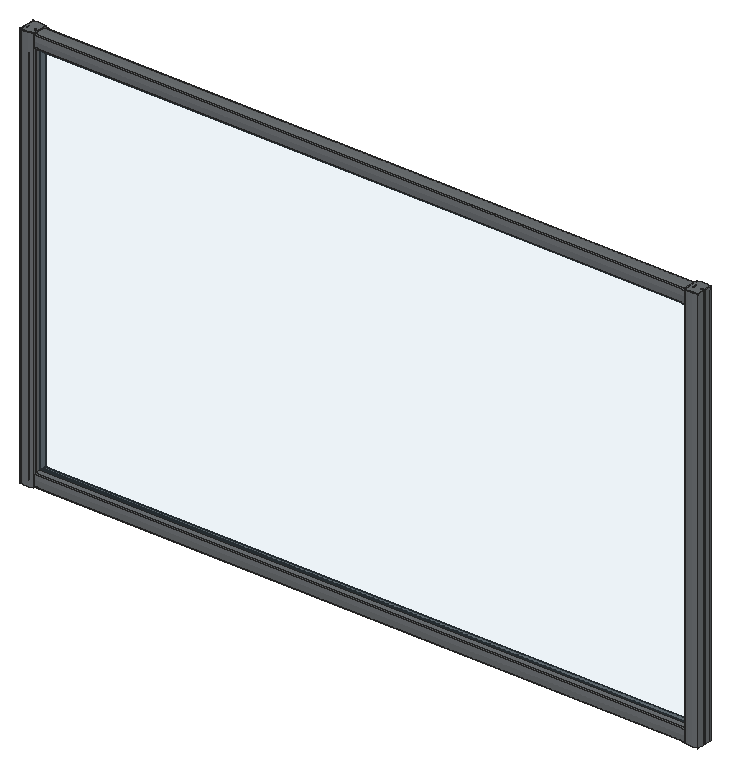
Revit family "Verano_V730_Biarritz_GM_R21", category Generic Models, Revit 2021
Family settings
  Can host rebar = No
  Round Connector Dimension = Use Diameter
  Part Type = Normal
  Work Plane-Based = No
  Always vertical = Yes
  Cut with Voids When Loaded = No
  Shared = No
  Room Calculation Point = No
Parameters (values of type "1-part")
  Width Input [instance] = 2500 mm
  Width [instance] = Overall Width Constraint  # 2500 mm
  Warning -Warranty [instance] = if(and(Overall Width Constraint > 1500 mm, Overall Height Constraint > 2550 mm), 1 = 1, if(and(Overall Width Constraint > 1750 mm, Overall Height Constraint > 2000 mm), 1 = 1, if(and(Overall Width Constraint > 2000 mm, Overall Height Constraint > 1750 mm), 1 = 1, if(and(Overall Width Constraint > 2250 mm, Overall Height Constraint > 1500 mm), 1 = 1, if(Overall Width Constraint > 2500 mm, 1 = 1, 1 = 0)))))  # no
  Warning - Width [instance] = no
  Warning - Height [instance] = no
  URL = "https://verano.nl/en/catalog/windscreens-fences"
  Two Part Glass End_2 [instance] = if(TYPE = 2, Overall Height Constraint / 2 - 21 mm - 42 mm, if(TYPE = 3, Overall Height Constraint / 2, 1 mm))  # 1 mm
  Tree Part Glass End_2 [instance] = (Overall Height Constraint - 50 mm) / 3 - 21 mm  # 462.333 mm
  Tree Part Glass End_1 [instance] = (Overall Height Constraint - 50 mm) / 3 + 25 mm - 21 mm + Bottom Offset  # 487.333 mm
  Top Rail [instance] = not(TYPE = 3)  # yes
  TPGE2 [instance] = 1 mm
  T4 [instance] = no
  T3 [instance] = no
  T2 [instance] = no
  T1 [instance] = no
  Panel Material [instance] = Glass
  Overall Width Constraint [instance] = if(Width Input < Minimal Width, Minimal Width, if(Width Input > Maximal Width, Maximal Width, Width Input))  # 2500 mm
  Overall Height Constraint [instance] = if(Height Input < Minimal Height, Minimal Height, if(Height Input > Maximal Height, Maximal Height, Height Input))  # 1500 mm
  One Part Glass End [instance] = Overall Height Constraint - 42 mm + Bottom Offset  # 1458 mm
  Model = "V730 Biarritz"
  Minimal Width [instance] = 1000 mm  # constant formula
  Minimal Height [instance] = 1000 mm  # constant formula
  Mid 1 [instance] = Bottom Offset + 25 mm  # 25 mm
  Maximal Width [instance] = 3000 mm  # constant formula
  Maximal Height [instance] = 2500 mm  # constant formula
  Manufacturer = "Verano Systems"
  Horizontal Rail Length [instance] = Overall Width Constraint - 2 * 50 mm  # 2400 mm
  Height With Base [instance] = Bottom Offset + Overall Height Constraint  # 1500 mm
  Height Input [instance] = 1500 mm
  Height [instance] = Overall Height Constraint  # 1500 mm
  TYPE = 1
  Frame Material [instance] = V_Antracite
  End TYPE _T Left [instance] = no
  End TYPE _Angle Right [instance] = no
  End TYPE _Angle Left [instance] = no
  End TYPE _ T Right [instance] = no
  End TYPE _ Straight Right [instance] = no
  End TYPE _ Straight Left [instance] = no
  Default Elevation = 0 mm
  Bottom Offset [instance] = if(T1, 6 mm, if(T3, 25 mm, if(T4, 80 mm, if(T2, 6 mm, 0 mm))))  # 0 mm
  Bottom Glass Offset [instance] = Bottom Offset + 42 mm  # 42 mm
  3 Part = TYPE = 4  # no
  Two Part Glass End_1 [instance] = (Overall Height Constraint - 50 mm) / 2 + Bottom Offset + 4 mm  # 729 mm
  2 part W/O Top Rail = TYPE = 3  # no
  2 Part Top Glass [instance] = if(or(TYPE = 2, TYPE = 3), 1 = 1, 1 = 0)  # no
  2 Part = TYPE = 2  # no
  1 Part = TYPE = 1  # yes
Reference planes
  plane 1 "Center (Front/Back)": y = 0
  plane 2: z = 0
  plane 3 "Center (Left/Right)": x = 0
  plane 4: x = -1250
  plane 5: x = 1250
  plane 6: x = -1225
  plane 7: x = 1225
  plane 8: z = 0
  plane 9: z = 1500
  plane 10 "Mid": z = 750
  plane 11: z = 1458
  plane 12: z = 42
  plane 13: x = -1208
  plane 14: x = 1208
  plane 15 "Mid1": z = 25
  plane 16 "Mid 2": z = 1475.025
  plane 17 "M3.2": z = 991.684
  plane 18 "M3.1": z = 508.342
  plane 19: x = -1281.2
Forms (mm)
  Extrusion 1, solid, material "Glass" <- "Panel Material", visible <- "1 Part"
    sketch origin (0, 0, 0) x (1, 0, 0) y (0, 1, 0)
      loop
        line (-1208, 2.5) -> (-1208, -2.5) -> (1208, -2.5) -> (1208, 2.5) -> (-1208, 2.5)
    from 42 <- "Bottom Glass Offset" to 1458 <- "One Part Glass End"
  Extrusion 2, solid, material "Glass" <- "Panel Material", visible <- "2 Part Top Glass"
    sketch origin (0, 0, 0) x (1, 0, 0) y (0, 1, 0)
      loop
        line (-1208, 2.5) -> (-1208, -2.5) -> (1208, -2.5) -> (1208, 2.5) -> (-1208, 2.5)
    from 42 <- "Bottom Glass Offset" to 729 <- "Two Part Glass End_1"
  Extrusion 3, solid, material "Glass" <- "Panel Material", visible <- "3 Part"
    sketch origin (0, 0, 0) x (1, 0, 0) y (0, 1, 0)
      loop
        line (1208, 2.5) -> (-1208, 2.5) -> (-1208, -2.5) -> (1208, -2.5) -> (1208, 2.5)
    from 42 <- "Bottom Glass Offset" to 487.333 <- "Tree Part Glass End_1"
  Extrusion 4, solid, material "Glass" <- "Panel Material", visible <- "3 Part"
    sketch origin (0, 0, 508.342) x (0, 1, 0) y (-1, 0, 0)
      loop
        line (2.5, -1208) -> (2.5, 1208) -> (-2.5, 1208) -> (-2.5, -1208) -> (2.5, -1208)
    from 21 to 462.333 <- "Tree Part Glass End_2"
  Extrusion 5, solid, material "Glass" <- "Panel Material", visible <- "3 Part"
    sketch origin (0, 0, 991.684) x (0, 1, 0) y (-1, 0, 0)
      loop
        line (2.5, -1208) -> (2.5, 1208) -> (-2.5, 1208) -> (-2.5, -1208) -> (2.5, -1208)
    from 0 to 462.333 <- "Tree Part Glass End_2"
  Extrusion 6, solid, material "Glass" <- "Panel Material", visible <- "2 Part Top Glass"
    sketch origin (0, 0, 750) x (0, 1, 0) y (-1, 0, 0)
      loop
        line (4, 1208) -> (-4, 1208) -> (-4, -1208) -> (4, -1208) -> (4, 1208)
    from 21 to 1 <- "Two Part Glass End_2"
Dimensions and locks
  equal spacing: plane 4, plane 3 "Center (Left/Right)", plane 5
  "Overall Width Constraint": plane 4 to plane 5
  locked: plane 4 to plane 6 at 25
  locked: plane 7 to plane 5 at 25
  "Bottom Offset": plane 8 to plane 2
  "Overall Height Constraint": plane 9 to plane 8
  equal spacing: plane 9, plane 10 "Mid", plane 8
  locked: plane 12 to plane 8 at 42
  locked: plane 9 to plane 11 at 42
  locked: plane 14 to plane 5 at 42
  locked: plane 4 to plane 13 at 42
  equal spacing: plane 15 "Mid1", plane 18 "M3.1", plane 17 "M3.2", plane 16 "Mid 2"
  "Mid 1": plane 15 "Mid1" to plane 2
  locked: plane 16 "Mid 2" to plane 9 at 24.975
  locked: plane 19 to plane 4 at 31.2
  aligned and locked: level to plane 2
  aligned and locked: plane 1 "Center (Front/Back)" to nested 1
  aligned and locked: plane 6 to nested 1
  aligned and locked: plane 1 "Center (Front/Back)" to nested 2
  aligned and locked: plane 7 to nested 2
  aligned and locked: plane 3 "Center (Left/Right)" to nested 3
  aligned and locked: plane 1 "Center (Front/Back)" to nested 3
  aligned and locked: plane 3 "Center (Left/Right)" to nested 4
  aligned and locked: plane 1 "Center (Front/Back)" to nested 4
  aligned and locked: plane 3 "Center (Left/Right)" to nested 5
  aligned and locked: plane 10 "Mid" to nested 5
  aligned and locked: plane 1 "Center (Front/Back)" to nested 5
  aligned and locked: Extrusion 1 sketch curve to plane 13
  aligned and locked: Extrusion 1 sketch curve to plane 14
  aligned and locked: Extrusion 2 sketch curve to plane 13
  aligned and locked: Extrusion 2 sketch curve to plane 14
  aligned and locked: plane 3 "Center (Left/Right)" to nested 6
  aligned and locked: plane 3 "Center (Left/Right)" to nested 7
  aligned and locked: plane 18 "M3.1" to nested 6
  aligned and locked: plane 17 "M3.2" to nested 7
  aligned and locked: plane 1 "Center (Front/Back)" to nested 7
  aligned and locked: plane 1 "Center (Front/Back)" to nested 6
  aligned and locked: Extrusion 3 sketch curve to plane 14
  aligned and locked: Extrusion 3 sketch curve to plane 13
  aligned and locked: Extrusion 4 sketch curve to Extrusion 3  (x2)
  aligned and locked: Extrusion 4 sketch curve to plane 14
  aligned and locked: Extrusion 4 sketch curve to plane 13
  aligned and locked: Extrusion 5 sketch curve to plane 14
  aligned and locked: Extrusion 5 sketch curve to Extrusion 4  (x2)
  aligned and locked: Extrusion 5 sketch curve to plane 13
  aligned and locked: plane 1 "Center (Front/Back)" to nested 9
  aligned and locked: nested 10 to plane 1 "Center (Front/Back)"
  aligned and locked: nested 11 to plane 5
  aligned and locked: plane 1 "Center (Front/Back)" to nested 11
  aligned and locked: nested 12 to plane 4
  aligned and locked: nested 12 to plane 1 "Center (Front/Back)"
  aligned and locked: plane 1 "Center (Front/Back)" to nested 8
  aligned and locked: nested 13 to plane 1 "Center (Front/Back)"
  aligned and locked: plane 5 to nested 9
  aligned and locked: plane 4 to nested 10
  aligned and locked: plane 6 to nested 14
  aligned and locked: plane 1 "Center (Front/Back)" to nested 14
  aligned and locked: plane 1 "Center (Front/Back)" to nested 15
  aligned and locked: plane 7 to nested 15
  aligned and locked: plane 1 "Center (Front/Back)" to nested 16
  aligned and locked: plane 7 to nested 16
  aligned and locked: plane 1 "Center (Front/Back)" to nested 17
  aligned and locked: plane 6 to nested 17
  aligned and locked: plane 1 "Center (Front/Back)" to nested 18
  aligned and locked: plane 6 to nested 19
  aligned and locked: plane 7 to nested 18
  aligned and locked: plane 5 to nested 8
  aligned and locked: plane 4 to nested 13
  aligned and locked: Extrusion 6 sketch curve to plane 13
  aligned and locked: Extrusion 6 sketch curve to plane 14
  aligned and locked: plane 6 to nested 20
  aligned and locked: plane 7 to nested 21
  aligned and locked: plane 1 "Center (Front/Back)" to nested 21
Automatic sketch dimensions
  plane 1 "Center (Front/Back)" to Extrusion 1 sketch curve = 2.5 mm
  Extrusion 1 sketch curve to plane 1 "Center (Front/Back)" = 2.5 mm
  Extrusion 2 sketch curve to plane 1 "Center (Front/Back)" = 2.5 mm
  plane 1 "Center (Front/Back)" to Extrusion 2 sketch curve = 2.5 mm
  plane 1 "Center (Front/Back)" to Extrusion 3 sketch curve = 2.5 mm
  Extrusion 3 sketch curve to plane 1 "Center (Front/Back)" = 2.5 mm
  plane 1 "Center (Front/Back)" to Extrusion 6 sketch curve = 4 mm
  Extrusion 6 sketch curve to plane 1 "Center (Front/Back)" = 4 mm
Nested families
  nested 1: "End Post" at (-1225, 0, 0), type "End Post"
    with Length 1500 mm
  nested 2: "End Post" at (1225, 0, 0), type "End Post"
    with Length 1500 mm
  nested 3: "Bottom Rail" at (0, 0, 0), built-in parameter 1001360 <- "Bottom Offset", type "Bottom Rail"
    with Length 2400 mm, Bottom Offset 0 mm
  nested 4: "Top Rail" at (0, 0, 1500), built-in parameter 1001360 <- "Height With Base", visible <- "Top Rail", type "Top Rail"
    with Length 2400 mm
  nested 5: "Middle Rail" at (0, 0, 750), visible <- "2 Part Top Glass", type "Middle Rail - 2 Part"
    with Length 2400 mm
  nested 6: "Middle Rail" at (0, 0, 508.342), visible <- "3 Part", type "Middle Rail - 3 Part"
    with Length 2400 mm
  nested 7: "Middle Rail" at (0, 0, 991.684), visible <- "3 Part", type "Middle Rail - 3 Part"
    with Length 2400 mm
  nested 8: "Straight Connection" at (1275, 0, 0), visible <- "End TYPE _ Straight Right", type "Straight Connection"
  nested 9: "Angle Connection" at (1279.735, 0, 0), visible <- "End TYPE _Angle Right", type "Angle Connection"
    with Length 1500 mm, Bottom Offset 0 mm
  nested 10: "Angle Connection" at (-1279.735, 0, 0) x (-1, 0, 0) z (0, 0, 1), visible <- "End TYPE _Angle Left", type "Angle Connection"
    with Length 1500 mm, Bottom Offset 0 mm
  nested 11: "T Connection" at (1281.2, 0.003, 0), visible <- "End TYPE _ T Right", type "T Connection"
  nested 12: "T Connection" at (-1281.2, 0.003, 0) x (-1, 0, 0) z (0, 0, 1), visible <- "End TYPE _T Left", type "T Connection"
  nested 13: "Straight Connection" at (-1275, 0, 0) x (-1, 0, 0) z (0, 0, 1), visible <- "End TYPE _ Straight Left", type "Straight Connection"
  nested 14: "Flat Plate" at (-1225, 0, 0), visible <- "T1", type "Flat Plate"
  nested 15: "Flat Plate" at (1225, 0, 0), visible <- "T1", type "Flat Plate"
  nested 16: "Flat Plate TYPE 2" at (1225, 0, 0), visible <- "T3", type "Flat Plate TYPE 2"
  nested 17: "Flat Plate TYPE 2" at (-1225, 0, 0), visible <- "T3", type "Flat Plate TYPE 2"
  nested 18: "Flat Plate TYPE 3" at (1225, 0, 0), visible <- "T4", type "Flat Plate TYPE 3"
  nested 19: "Flat Plate TYPE 3" at (-1225, 0, 0) x (-1, 0, 0) z (0, 0, 1), visible <- "T4", type "Flat Plate TYPE 3"
  nested 20: "Plate 1" at (-1225, 0, 0) x (-1, 0, 0) z (0, 0, 1), visible <- "T2", type "Plate 1"
  nested 21: "Plate 1" at (1225, 0, 0), visible <- "T2", type "Plate 1"
Definition of nested family "End Post"
  Parameters (values of type "End Post")
    Length = 530 mm
    Frame Material = none
    Default Elevation = 0 mm
    Bottom Offset = 0 mm
  Reference planes
    plane 1 "Center (Front/Back)": y = 0
    plane 2: z = 0
    plane 3 "Center (Left/Right)": x = 0
    plane 4: z = 0
    plane 5: z = 530
    plane 6: z = 532
  Forms (mm)
    Extrusion 1, solid, material <- "Frame Material"
      sketch origin (0, 0, 0) x (1, 0, 0) y (0, 1, 0)
        loop
          arc (24.21, 28.622) -> (0, 31.199) -> (-24.211, 28.622) r 115
          arc (-24.211, 28.622) -> (-24.778, 28.272) -> (-25, 27.644) r 1
          line (-25, 27.644) -> (-25, 5.599) -> (-23.4, 5.599) -> (-23.4, 8.699) -> (-16, 8.699) -> (-16, 2.499) -> (-15.015, 1.514)
          arc (-15.015, 1.514) -> (-14.373, 1.459) -> (-14.21, 2.082) r 0.5
          arc (-14.21, 2.082) -> (-11.3, -0.001) -> (-14.21, -2.083) r 2.2
          arc (-14.21, -2.083) -> (-14.373, -1.461) -> (-15.015, -1.516) r 0.5
          line (-15.015, -1.516) -> (-16, -2.501) -> (-16, -8.701) -> (-23.4, -8.701) -> (-23.4, -5.601) -> (-25, -5.601) -> (-25, -27.646)
          arc (-25, -27.646) -> (-24.778, -28.274) -> (-24.211, -28.624) r 1
          arc (-24.211, -28.624) -> (0, -31.201) -> (24.21, -28.624) r 115
          arc (24.21, -28.624) -> (24.778, -28.274) -> (25, -27.646) r 1
          line (25, -27.646) -> (25, -5.601) -> (23.4, -5.601) -> (23.4, -8.701) -> (16, -8.701) -> (16, -2.501) -> (15.015, -1.516)
          arc (15.015, -1.516) -> (14.373, -1.461) -> (14.209, -2.083) r 0.5
          arc (14.209, -2.083) -> (11.3, -0.001) -> (14.209, 2.082) r 2.2
          arc (14.209, 2.082) -> (14.373, 1.459) -> (15.015, 1.514) r 0.5
          line (15.015, 1.514) -> (16, 2.499) -> (16, 8.699) -> (23.4, 8.699) -> (23.4, 5.599) -> (25, 5.599) -> (25, 27.644)
          arc (25, 27.644) -> (24.778, 28.272) -> (24.21, 28.622) r 1
        loop
          arc (23.4, 27.159) -> (0, 29.599) -> (-23.4, 27.159) r 113.4
          line (-23.4, 27.159) -> (-23.4, 10.299) -> (-14.4, 10.299) -> (-14.4, 3.381)
          arc (-14.4, 3.381) -> (-13.72, 3.492) -> (-13.032, 3.468) r 3.5
          line (-13.032, 3.468) -> (-11.5, 4.999) -> (-10, 4.999) -> (-10, -5.001) -> (-11.5, -5.001) -> (-13.032, -3.469)
          arc (-13.032, -3.469) -> (-13.72, -3.494) -> (-14.4, -3.383) r 3.5
          line (-14.4, -3.383) -> (-14.4, -10.301) -> (-23.4, -10.301) -> (-23.4, -27.16)
          arc (-23.4, -27.16) -> (0, -29.601) -> (23.4, -27.16) r 113.4
          line (23.4, -27.16) -> (23.4, -10.301) -> (14.4, -10.301) -> (14.4, -3.383)
          arc (14.4, -3.383) -> (13.72, -3.494) -> (13.031, -3.469) r 3.5
          line (13.031, -3.469) -> (11.5, -5.001) -> (10, -5.001) -> (10, 4.999) -> (11.5, 4.999) -> (13.031, 3.468)
          arc (13.031, 3.468) -> (13.72, 3.492) -> (14.4, 3.381) r 3.5
          line (14.4, 3.381) -> (14.4, 10.299) -> (23.4, 10.299) -> (23.4, 27.159)
      from 0 <- "Default Elevation" to 530 <- "Length"
    Extrusion 2, solid, material <- "Frame Material"
      sketch origin (0, 0, 0) x (1, 0, 0) y (0, 1, 0)
        loop
          arc (24.21, 28.622) -> (0, 31.199) -> (-24.211, 28.622) r 115
          arc (-24.211, 28.622) -> (-24.778, 28.272) -> (-25, 27.644) r 1
          line (-25, 27.644) -> (-25, -27.646)
          arc (-25, -27.646) -> (-24.778, -28.274) -> (-24.211, -28.624) r 1
          arc (-24.211, -28.624) -> (0, -31.201) -> (24.21, -28.624) r 115
          arc (24.21, -28.624) -> (24.778, -28.274) -> (25, -27.646) r 1
          line (25, -27.646) -> (25, 27.644)
          arc (25, 27.644) -> (24.778, 28.272) -> (24.21, 28.622) r 1
      from 530 to 532
  Dimensions and locks
    "Bottom Offset": plane 4 to plane 2
    "Length": plane 5 to plane 4
    locked: plane 6 to plane 5 at 2
    aligned and locked: level to plane 2
    aligned and locked: Extrusion 1 to plane 4
    aligned and locked: plane 5 to Extrusion 1
    aligned and locked: Extrusion 2 sketch curve to Extrusion 1  (x6)
    aligned and locked: Extrusion 2 to plane 5
    aligned and locked: plane 6 to Extrusion 2
  Automatic sketch dimensions
    Extrusion 1 sketch curve to plane 1 "Center (Front/Back)" = 1.514 mm  (x2)
    plane 1 "Center (Front/Back)" to Extrusion 1 sketch curve = 1.516 mm  (x2)
    Extrusion 1 sketch curve to Extrusion 1 sketch curve = 0 mm  (x23)
    plane 1 "Center (Front/Back)" to Extrusion 1 sketch curve = 5.601 mm  (x2)
    Extrusion 1 sketch curve to plane 3 "Center (Left/Right)" = 25 mm  (x2)
    Extrusion 1 sketch curve to Extrusion 1 sketch curve = 1 mm  (x2)
    Extrusion 1 sketch curve to Extrusion 1 sketch curve = 1.6 mm  (x10)
    Extrusion 1 sketch curve to Extrusion 1 sketch curve = 7.4 mm  (x3)
    plane 1 "Center (Front/Back)" to Extrusion 1 sketch curve = 2.501 mm  (x2)
    Extrusion 1 sketch curve to Extrusion 1 sketch curve = 0.985 mm  (x5)
    Extrusion 1 sketch curve to Extrusion 1 sketch curve = 0.354 mm  (x8)
    Extrusion 1 sketch curve to Extrusion 1 sketch curve = 0.261 mm  (x3)
    plane 1 "Center (Front/Back)" to Extrusion 1 sketch curve = 0.001 mm  (x2)
    Extrusion 1 sketch curve to Extrusion 1 sketch curve = 1.515 mm
    Extrusion 1 sketch curve to plane 1 "Center (Front/Back)" = 3.468 mm  (x2)
    Extrusion 1 sketch curve to Extrusion 1 sketch curve = 1.369 mm  (x2)
    plane 1 "Center (Front/Back)" to Extrusion 1 sketch curve = 3.469 mm  (x2)
    plane 1 "Center (Front/Back)" to Extrusion 1 sketch curve = 5.001 mm
    Extrusion 1 sketch curve to Extrusion 1 sketch curve = 1.531 mm  (x6)
    Extrusion 1 sketch curve to plane 1 "Center (Front/Back)" = 4.999 mm
    Extrusion 1 sketch curve to Extrusion 1 sketch curve = 1.5 mm  (x3)
    Extrusion 1 sketch curve to plane 3 "Center (Left/Right)" = 0 mm  (x2)
    plane 3 "Center (Left/Right)" to Extrusion 1 sketch curve = 10 mm
    Extrusion 1 sketch curve to Extrusion 1 sketch curve = 0.469 mm
    Extrusion 1 sketch curve to Extrusion 1 sketch curve = 2.9 mm  (x2)
    Extrusion 1 sketch curve to Extrusion 1 sketch curve = 0.6 mm  (x2)
    Extrusion 1 sketch curve to Extrusion 1 sketch curve = 3.1 mm  (x2)
    Extrusion 1 sketch curve to Extrusion 1 sketch curve = 5.318 mm  (x2)
    Extrusion 1 sketch curve to Extrusion 1 sketch curve = 16.859 mm  (x2)
    Extrusion 1 sketch curve to Extrusion 1 sketch curve = 0.486 mm  (x4)
    Extrusion 1 sketch curve to Extrusion 1 sketch curve = 56.155 mm
    Extrusion 1 sketch curve to plane 1 "Center (Front/Back)" = 5.599 mm  (x2)
    Extrusion 1 sketch curve to Extrusion 1 sketch curve = 55.177 mm
    Extrusion 1 sketch curve to Extrusion 1 sketch curve = 0.452 mm  (x2)
Definition of nested family "Bottom Rail"
  Parameters (values of type "Bottom Rail")
    Length = 1400 mm
    Frame Material = none
    Default Elevation = 0 mm
    Bottom Offset = 200 mm
  Reference planes
    plane 1 "Center (Front/Back)": y = 0
    plane 2: z = 0
    plane 3 "Center (Left/Right)": x = 0
    plane 4: x = 700
    plane 5: x = -700
    plane 6: z = 25.046
  Forms (mm)
    Extrusion 1, solid, material <- "Frame Material"
      sketch origin (0, 0, -100) x (0, 1, 0) y (0, 0, 1)
        loop
          arc (-24.896, 147.528) -> (-25.397, 147.249) -> (-25.662, 146.74) r 1
          arc (-25.662, 146.74) -> (-27.728, 125.049) -> (-25.665, 103.358) r 115
          arc (-25.665, 103.358) -> (-25.4, 102.85) -> (-24.899, 102.571) r 1
          arc (-24.899, 102.571) -> (-15.319, 100.87) -> (-5.629, 99.985) r 115
          line (-5.629, 99.985) -> (-5.629, 101.586)
          arc (-5.629, 101.586) -> (-7.18, 101.674) -> (-8.73, 101.783) r 113.4
          line (-8.73, 101.783) -> (-8.698, 109.048) -> (8.671, 109.047) -> (8.671, 101.781)
          arc (8.671, 101.781) -> (7.122, 101.673) -> (5.571, 101.586) r 113.4
          line (5.571, 101.586) -> (5.571, 99.984)
          arc (5.571, 99.984) -> (15.261, 100.868) -> (24.841, 102.568) r 115
          arc (24.841, 102.568) -> (25.342, 102.847) -> (25.607, 103.355) r 1
          arc (25.607, 103.355) -> (27.672, 125.046) -> (25.609, 146.737) r 115
          arc (25.609, 146.737) -> (25.344, 147.246) -> (24.844, 147.525) r 1
          arc (24.844, 147.525) -> (15.263, 149.226) -> (5.574, 150.111) r 115
          line (5.574, 150.111) -> (5.574, 148.509)
          arc (5.574, 148.509) -> (7.124, 148.422) -> (8.674, 148.313) r 113.4
          line (8.674, 148.313) -> (8.673, 141.047) -> (-8.728, 141.048) -> (-8.696, 148.316)
          arc (-8.696, 148.316) -> (-7.162, 148.423) -> (-5.626, 148.51) r 113.4
          line (-5.626, 148.51) -> (-5.626, 150.112)
          arc (-5.626, 150.112) -> (-15.316, 149.228) -> (-24.896, 147.528) r 115
      from -700 to 700
  Dimensions and locks
    equal spacing: plane 5, plane 3 "Center (Left/Right)", plane 4
    "Length": plane 5 to plane 4
    aligned and locked: level to plane 2
    aligned and locked: Extrusion 1 to plane 5
    aligned and locked: plane 4 to Extrusion 1
  Automatic sketch dimensions
    Extrusion 1 sketch curve to Extrusion 1 sketch curve = 0 mm  (x25)
    plane 1 "Center (Front/Back)" to Extrusion 1 sketch curve = 87.328 mm
    plane 1 "Center (Front/Back)" to Extrusion 1 sketch curve = 24.683 mm
    plane 1 "Center (Front/Back)" to Extrusion 1 sketch curve = 24.68 mm
    plane 1 "Center (Front/Back)" to Extrusion 1 sketch curve = 8.73 mm
    plane 1 "Center (Front/Back)" to Extrusion 1 sketch curve = 8.728 mm
    Extrusion 1 sketch curve to Extrusion 1 sketch curve = 0.032 mm  (x2)
    Extrusion 1 sketch curve to Extrusion 1 sketch curve = 3.101 mm
    Extrusion 1 sketch curve to Extrusion 1 sketch curve = 3.07 mm
    plane 1 "Center (Front/Back)" to Extrusion 1 sketch curve = 0.033 mm
    plane 1 "Center (Front/Back)" to Extrusion 1 sketch curve = 0.022 mm
    Extrusion 1 sketch curve to plane 1 "Center (Front/Back)" = 5.571 mm
    Extrusion 1 sketch curve to plane 1 "Center (Front/Back)" = 5.574 mm
    Extrusion 1 sketch curve to Extrusion 1 sketch curve = 3.1 mm  (x3)
    Extrusion 1 sketch curve to Extrusion 1 sketch curve = 15.954 mm  (x2)
    Extrusion 1 sketch curve to Extrusion 1 sketch curve = 62.645 mm
    Extrusion 1 sketch curve to level = 64.752 mm
    Extrusion 1 sketch curve to Extrusion 1 sketch curve = 7.266 mm
    Extrusion 1 sketch curve to Extrusion 1 sketch curve = 32 mm
    Extrusion 1 sketch curve to Extrusion 1 sketch curve = 0.001 mm  (x2)
    Extrusion 1 sketch curve to Extrusion 1 sketch curve = 1.764 mm  (x2)
    Extrusion 1 sketch curve to Extrusion 1 sketch curve = 5.503 mm
    Extrusion 1 sketch curve to Extrusion 1 sketch curve = 7.268 mm
    Extrusion 1 sketch curve to Extrusion 1 sketch curve = 1.602 mm  (x4)
    Extrusion 1 sketch curve to Extrusion 1 sketch curve = 0.982 mm
    Extrusion 1 sketch curve to Extrusion 1 sketch curve = 64.736 mm
    Extrusion 1 sketch curve to Extrusion 1 sketch curve = 0.196 mm
    Extrusion 1 sketch curve to Extrusion 1 sketch curve = 1.763 mm
    Extrusion 1 sketch curve to Extrusion 1 sketch curve = 21.506 mm
    Extrusion 1 sketch curve to Extrusion 1 sketch curve = 21.695 mm
Definition of nested family "Top Rail"
  Parameters (values of type "Top Rail")
    Length = 1400 mm
    Frame Material = none
    Default Elevation = 0 mm
    Bottom Offset = 100 mm
  Reference planes
    plane 1 "Center (Front/Back)": y = 0
    plane 2: z = 0
    plane 3 "Center (Left/Right)": x = 0
    plane 4: x = 700
    plane 5: x = -700
    plane 6: z = -24.975
  Forms (mm)
    Extrusion 1, solid, material <- "Frame Material"
      sketch origin (0, 0, 0) x (0, 1, 0) y (0, 0, 1)
        loop
          arc (-24.889, -2.727) -> (-25.39, -3.006) -> (-25.654, -3.516) r 1
          arc (-25.654, -3.516) -> (-27.682, -26.362) -> (-25.136, -49.156) r 115
          arc (-25.136, -49.156) -> (-24.787, -49.724) -> (-24.158, -49.947) r 1
          line (-24.158, -49.947) -> (-5.6, -49.948) -> (-5.553, -48.346) -> (-8.592, -48.346) -> (-8.56, -41.049) -> (8.61, -41.051) -> (8.609, -48.347) -> (5.609, -48.347) -> (5.609, -49.948) -> (24.176, -49.95)
          arc (24.176, -49.95) -> (24.805, -49.727) -> (25.154, -49.159) r 1
          arc (25.154, -49.159) -> (27.703, -26.365) -> (25.678, -3.519) r 115
          arc (25.678, -3.519) -> (25.413, -3.009) -> (24.912, -2.73) r 1
          arc (24.912, -2.73) -> (0.012, 0) -> (-24.889, -2.727) r 115
      from -700 to 700
  Dimensions and locks
    equal spacing: plane 5, plane 3 "Center (Left/Right)", plane 4
    "Length": plane 5 to plane 4
    aligned and locked: level to plane 2
    aligned and locked: Extrusion 1 to plane 5
    aligned and locked: plane 4 to Extrusion 1
  Automatic sketch dimensions
    Extrusion 1 sketch curve to Extrusion 1 sketch curve = 0 mm  (x9)
    Extrusion 1 sketch curve to Extrusion 1 sketch curve = 15.567 mm
    Extrusion 1 sketch curve to level = 25.045 mm
    plane 1 "Center (Front/Back)" to Extrusion 1 sketch curve = 87.29 mm
    Extrusion 1 sketch curve to level = 3.703 mm
    plane 1 "Center (Front/Back)" to Extrusion 1 sketch curve = 24.672 mm
    plane 1 "Center (Front/Back)" to Extrusion 1 sketch curve = 24.158 mm
    plane 1 "Center (Front/Back)" to Extrusion 1 sketch curve = 8.592 mm
    Extrusion 1 sketch curve to Extrusion 1 sketch curve = 0.032 mm
    Extrusion 1 sketch curve to Extrusion 1 sketch curve = 2.992 mm
    Extrusion 1 sketch curve to Extrusion 1 sketch curve = 0.047 mm
    Extrusion 1 sketch curve to plane 1 "Center (Front/Back)" = 0.005 mm
    Extrusion 1 sketch curve to plane 1 "Center (Front/Back)" = 5.609 mm
    Extrusion 1 sketch curve to Extrusion 1 sketch curve = 3 mm
    Extrusion 1 sketch curve to level = 3.706 mm
    Extrusion 1 sketch curve to plane 1 "Center (Front/Back)" = 24.696 mm
    Extrusion 1 sketch curve to level = 25.055 mm
    Extrusion 1 sketch curve to Extrusion 1 sketch curve = 62.615 mm
    Extrusion 1 sketch curve to Extrusion 1 sketch curve = 37.347 mm
    Extrusion 1 sketch curve to Extrusion 1 sketch curve = 0.001 mm
    Extrusion 1 sketch curve to Extrusion 1 sketch curve = 7.297 mm
    Extrusion 1 sketch curve to Extrusion 1 sketch curve = 0.6 mm
    Extrusion 1 sketch curve to Extrusion 1 sketch curve = 1 mm  (x2)
    Extrusion 1 sketch curve to Extrusion 1 sketch curve = 1.601 mm
    Extrusion 1 sketch curve to Extrusion 1 sketch curve = 65.052 mm
    Extrusion 1 sketch curve to Extrusion 1 sketch curve = 0.982 mm
Definition of nested family "Middle Rail"
  Parameters (values of type "Middle Rail")
    Length = 1000 mm
    Frame Material = none
    Default Elevation = 0 mm
    Bottom Offset = 100 mm
  Reference planes
    plane 1 "Center (Front/Back)": y = 0
    plane 2: z = 0
    plane 3 "Center (Left/Right)": x = 0
    plane 4: x = 500
    plane 5: x = -500
  Forms (mm)
    Extrusion 1, solid, material <- "Frame Material"
      sketch origin (0, 0, 0) x (0, 1, 0) y (0, 0, 1)
        loop
          arc (-24.899, 22.479) -> (-25.4, 22.199) -> (-25.665, 21.691) r 1
          arc (-25.665, 21.691) -> (-27.729, 0) -> (-25.665, -21.691) r 115
          arc (-25.665, -21.691) -> (-25.4, -22.199) -> (-24.899, -22.479) r 1
          arc (-24.899, -22.479) -> (-15.319, -24.179) -> (-5.629, -25.064) r 115
          line (-5.629, -25.064) -> (-5.629, -23.462)
          arc (-5.629, -23.462) -> (-7.181, -23.374) -> (-8.73, -23.266) r 113.4
          line (-8.73, -23.266) -> (-8.699, -16) -> (8.671, -16) -> (8.671, -23.266)
          arc (8.671, -23.266) -> (7.121, -23.374) -> (5.571, -23.462) r 113.4
          line (5.571, -23.462) -> (5.571, -25.064)
          arc (5.571, -25.064) -> (15.261, -24.179) -> (24.841, -22.479) r 115
          arc (24.841, -22.479) -> (25.342, -22.199) -> (25.607, -21.691) r 1
          arc (25.607, -21.691) -> (27.671, 0) -> (25.607, 21.691) r 115
          arc (25.607, 21.691) -> (25.342, 22.199) -> (24.841, 22.479) r 1
          arc (24.841, 22.479) -> (15.261, 24.179) -> (5.571, 25.064) r 115
          line (5.571, 25.064) -> (5.571, 23.462)
          arc (5.571, 23.462) -> (7.121, 23.374) -> (8.671, 23.266) r 113.4
          line (8.671, 23.266) -> (8.671, 16) -> (-8.731, 16) -> (-8.699, 23.268)
          arc (-8.699, 23.268) -> (-7.165, 23.375) -> (-5.629, 23.462) r 113.4
          line (-5.629, 23.462) -> (-5.629, 25.064)
          arc (-5.629, 25.064) -> (-15.319, 24.179) -> (-24.899, 22.479) r 115
      from -500 to 500
  Dimensions and locks
    equal spacing: plane 5, plane 3 "Center (Left/Right)", plane 4
    "Length": plane 5 to plane 4
    aligned and locked: level to plane 2
    aligned and locked: Extrusion 1 to plane 5
    aligned and locked: plane 4 to Extrusion 1
  Automatic sketch dimensions
    Extrusion 1 sketch curve to Extrusion 1 sketch curve = 0 mm  (x25)
    Extrusion 1 sketch curve to level = 0 mm  (x2)
    plane 1 "Center (Front/Back)" to Extrusion 1 sketch curve = 87.329 mm
    plane 1 "Center (Front/Back)" to Extrusion 1 sketch curve = 24.683 mm  (x2)
    plane 1 "Center (Front/Back)" to Extrusion 1 sketch curve = 8.731 mm
    plane 1 "Center (Front/Back)" to Extrusion 1 sketch curve = 8.73 mm
    Extrusion 1 sketch curve to Extrusion 1 sketch curve = 0.032 mm  (x2)
    Extrusion 1 sketch curve to Extrusion 1 sketch curve = 3.07 mm
    Extrusion 1 sketch curve to Extrusion 1 sketch curve = 3.101 mm
    plane 1 "Center (Front/Back)" to Extrusion 1 sketch curve = 0.029 mm  (x2)
    Extrusion 1 sketch curve to plane 1 "Center (Front/Back)" = 5.571 mm  (x2)
    Extrusion 1 sketch curve to Extrusion 1 sketch curve = 3.1 mm  (x2)
    Extrusion 1 sketch curve to Extrusion 1 sketch curve = 15.954 mm  (x2)
    Extrusion 1 sketch curve to Extrusion 1 sketch curve = 62.646 mm
    Extrusion 1 sketch curve to level = 16 mm
    Extrusion 1 sketch curve to Extrusion 1 sketch curve = 5.502 mm  (x4)
    Extrusion 1 sketch curve to Extrusion 1 sketch curve = 7.266 mm  (x3)
    Extrusion 1 sketch curve to Extrusion 1 sketch curve = 0.196 mm
    Extrusion 1 sketch curve to Extrusion 1 sketch curve = 1.602 mm  (x4)
    Extrusion 1 sketch curve to Extrusion 1 sketch curve = 64.736 mm
    level to Extrusion 1 sketch curve = 16 mm
    Extrusion 1 sketch curve to Extrusion 1 sketch curve = 7.268 mm
    Extrusion 1 sketch curve to Extrusion 1 sketch curve = 0.982 mm
Definition of nested family "Straight Connection"
  Parameters (values of type "Straight Connection")
    Length = 1500 mm
    Frame Material = none
    Default Elevation = 0 mm
    Bottom Offset = 0 mm
  Reference planes
    plane 1 "Center (Front/Back)": y = 0
    plane 2: z = 0
    plane 3 "Center (Left/Right)": x = 0
    plane 4 "1": z = 0
    plane 5: z = 1500
    plane 6: z = 1502
    plane 7: x = 25
    plane 8: x = -25
    plane 9: x = -25
    plane 10: x = 25
  Forms (mm)
    Extrusion 1, solid, material <- "Frame Material"
      sketch origin (-25, 0, 0) x (0, 1, 0) y (-1, 0, 0)
        loop
          line (5.6, -48.462) -> (5.6, -50) -> (27.645, -50)
          arc (27.645, -50) -> (28.273, -49.778) -> (28.623, -49.211) r 1
          arc (28.623, -49.211) -> (31.2, -25) -> (28.623, -0.79) r 115
          arc (28.623, -0.79) -> (28.273, -0.222) -> (27.645, 0) r 1
          line (27.645, 0) -> (5.6, 0) -> (5.6, -1.538)
          arc (5.6, -1.538) -> (7.151, -1.626) -> (8.7, -1.734) r 113.4
          line (8.7, -1.734) -> (8.7, -9) -> (2.5, -9) -> (1.556, -9.944)
          arc (1.556, -9.944) -> (0, -13.7) -> (-1.556, -9.944) r 2.2
          line (-1.556, -9.944) -> (-2.5, -9) -> (-8.7, -9) -> (-8.7, -1.734)
          arc (-8.7, -1.734) -> (-7.151, -1.626) -> (-5.6, -1.538) r 113.4
          line (-5.6, -1.538) -> (-5.6, 0) -> (-27.645, 0)
          arc (-27.645, 0) -> (-28.273, -0.222) -> (-28.623, -0.79) r 1
          arc (-28.623, -0.79) -> (-31.2, -25) -> (-28.623, -49.211) r 115
          arc (-28.623, -49.211) -> (-28.273, -49.778) -> (-27.645, -50) r 1
          line (-27.645, -50) -> (-5.6, -50) -> (-5.6, -48.462)
          arc (-5.6, -48.462) -> (-7.151, -48.374) -> (-8.7, -48.266) r 113.4
          line (-8.7, -48.266) -> (-8.7, -41) -> (-2.5, -41) -> (-1.556, -40.056)
          arc (-1.556, -40.056) -> (0, -36.3) -> (1.556, -40.056) r 2.2
          line (1.556, -40.056) -> (2.5, -41) -> (8.7, -41) -> (8.7, -48.266)
          arc (8.7, -48.266) -> (7.151, -48.374) -> (5.6, -48.462) r 113.4
        loop
          line (10.3, -48.4) -> (27.159, -48.4)
          arc (27.159, -48.4) -> (29.6, -25) -> (27.159, -1.6) r 113.4
          line (27.159, -1.6) -> (10.3, -1.6) -> (10.3, -10.6) -> (3.382, -10.6)
          arc (3.382, -10.6) -> (3.493, -11.28) -> (3.469, -11.969) r 3.5
          line (3.469, -11.969) -> (5, -13.5) -> (5, -15) -> (-5, -15) -> (-5, -13.5) -> (-3.469, -11.969)
          arc (-3.469, -11.969) -> (-3.493, -11.28) -> (-3.382, -10.6) r 3.5
          line (-3.382, -10.6) -> (-10.3, -10.6) -> (-10.3, -1.6) -> (-27.159, -1.6)
          arc (-27.159, -1.6) -> (-29.6, -25) -> (-27.159, -48.4) r 113.4
          line (-27.159, -48.4) -> (-10.3, -48.4) -> (-10.3, -39.4) -> (-3.382, -39.4)
          arc (-3.382, -39.4) -> (-3.493, -38.72) -> (-3.469, -38.031) r 3.5
          line (-3.469, -38.031) -> (-5, -36.5) -> (-5, -35) -> (5, -35) -> (5, -36.5) -> (3.469, -38.031)
          arc (3.469, -38.031) -> (3.493, -38.72) -> (3.382, -39.4) r 3.5
          line (3.382, -39.4) -> (10.3, -39.4) -> (10.3, -48.4)
      from 0 to 1500 <- "Length"
    Extrusion 2, solid, material <- "Frame Material"
      sketch origin (0, 0, 0) x (0, 1, 0) y (-1, 0, 0)
        loop
          line (28.45, 25) -> (-28.45, 25)
          arc (-28.45, 25) -> (-31.2, 0) -> (-28.45, -25) r 115
          line (-28.45, -25) -> (28.45, -25)
          arc (28.45, -25) -> (31.2, 0) -> (28.45, 25) r 115
      from 1500 to 1502
  Dimensions and locks
    "Bottom Offset": plane 4 "1" to level
    "Length": plane 5 to plane 4 "1"
    locked: plane 6 to plane 5 at 2
    equal spacing: plane 9, plane 3 "Center (Left/Right)", plane 10
    locked: plane 9 to plane 10 at 50
    aligned and locked: level to plane 2
    aligned and locked: Extrusion 1 to plane 4 "1"
    aligned and locked: Extrusion 2 to plane 5
    aligned and locked: plane 6 to Extrusion 2
  Automatic sketch dimensions
    Extrusion 1 sketch curve to Extrusion 1 sketch curve = 0 mm  (x20)
    plane 1 "Center (Front/Back)" to Extrusion 1 sketch curve = 0 mm  (x4)
    plane 1 "Center (Front/Back)" to Extrusion 1 sketch curve = 1.556 mm  (x2)
    Extrusion 1 sketch curve to Extrusion 1 sketch curve = 0.944 mm  (x7)
    Extrusion 1 sketch curve to Extrusion 1 sketch curve = 0.882 mm  (x4)
    Extrusion 1 sketch curve to Extrusion 1 sketch curve = 0.086 mm  (x4)
    Extrusion 1 sketch curve to Extrusion 1 sketch curve = 1.531 mm  (x8)
    plane 1 "Center (Front/Back)" to Extrusion 1 sketch curve = 5.6 mm  (x2)
    Extrusion 1 sketch curve to Extrusion 1 sketch curve = 5.318 mm  (x3)
    Extrusion 1 sketch curve to Extrusion 1 sketch curve = 1.6 mm  (x6)
    Extrusion 1 sketch curve to plane 1 "Center (Front/Back)" = 0 mm  (x2)
    Extrusion 1 sketch curve to plane 1 "Center (Front/Back)" = 1.556 mm  (x2)
    Extrusion 1 sketch curve to plane 1 "Center (Front/Back)" = 5.6 mm
    Extrusion 1 sketch curve to Extrusion 1 sketch curve = 3.1 mm
    Extrusion 1 sketch curve to Extrusion 1 sketch curve = 0.196 mm
    Extrusion 1 sketch curve to Extrusion 1 sketch curve = 0.134 mm  (x4)
    Extrusion 1 sketch curve to Extrusion 1 sketch curve = 7.462 mm
    Extrusion 1 sketch curve to Extrusion 1 sketch curve = 1.556 mm
    Extrusion 1 sketch curve to Extrusion 1 sketch curve = 1.5 mm  (x3)
    Extrusion 1 sketch curve to plane 3 "Center (Left/Right)" = 10 mm
    Extrusion 1 sketch curve to Extrusion 1 sketch curve = 0.469 mm
    Extrusion 1 sketch curve to Extrusion 1 sketch curve = 0.656 mm
    Extrusion 1 sketch curve to plane 1 "Center (Front/Back)" = 8.7 mm
    Extrusion 1 sketch curve to Extrusion 1 sketch curve = 17.345 mm  (x3)
    Extrusion 1 sketch curve to Extrusion 1 sketch curve = 1 mm  (x2)
    Extrusion 1 sketch curve to plane 3 "Center (Left/Right)" = 0 mm  (x4)
    Extrusion 1 sketch curve to Extrusion 1 sketch curve = 0.978 mm  (x2)
    Extrusion 1 sketch curve to Extrusion 1 sketch curve = 0.486 mm  (x4)
    Extrusion 1 sketch curve to Extrusion 1 sketch curve = 0.6 mm  (x3)
    Extrusion 1 sketch curve to Extrusion 1 sketch curve = 56.155 mm
    Extrusion 1 sketch curve to Extrusion 1 sketch curve = 55.177 mm
    plane 3 "Center (Left/Right)" to Extrusion 1 sketch curve = 10 mm
    Extrusion 1 sketch curve to Extrusion 1 sketch curve = 7.266 mm
    Extrusion 1 sketch curve to Extrusion 1 sketch curve = 64.8 mm
    Extrusion 2 sketch curve to plane 3 "Center (Left/Right)" = 0 mm  (x2)
    Extrusion 2 sketch curve to plane 8 = 0 mm
    plane 1 "Center (Front/Back)" to Extrusion 2 sketch curve = 83.8 mm
    Extrusion 2 sketch curve to plane 1 "Center (Front/Back)" = 28.45 mm
    plane 7 to Extrusion 2 sketch curve = 0 mm
    plane 1 "Center (Front/Back)" to Extrusion 2 sketch curve = 28.45 mm
    Extrusion 2 sketch curve to Extrusion 2 sketch curve = 55.35 mm
Definition of nested family "Angle Connection"
  Parameters
    Length = 500 mm
    Frame Material = none
    Default Elevation = 0 mm
    Bottom Offset = 100 mm
  Reference planes
    plane 1 "Center (Front/Back)": y = 0
    plane 2: z = 0
    plane 3 "Center (Left/Right)": x = 0
    plane 4 "1": z = 100
    plane 5: z = 600
    plane 6: z = 602
    plane 7: x = -29.735
    plane 8: y = 31.2
  Forms (mm)
    Extrusion 1, solid, material <- "Frame Material"
      sketch origin (-29.735, 0, 100) x (0, 1, 0) y (-1, 0, 0)
        loop
          arc (31.2, -1) -> (30.907, -0.293) -> (30.2, 0) r 1
          line (30.2, 0) -> (5.6, 0) -> (5.6, -1.6) -> (8.7, -1.6) -> (8.7, -9) -> (4, -9) -> (4, -10.6) -> (8.7, -10.6) -> (8.7, -13.735) -> (2.5, -13.735) -> (1.556, -14.679)
          arc (1.556, -14.679) -> (0, -18.435) -> (-1.556, -14.679) r 2.2
          line (-1.556, -14.679) -> (-2.5, -13.735) -> (-8.7, -13.735) -> (-8.7, -10.6) -> (-4, -10.6) -> (-4, -9) -> (-8.7, -9) -> (-8.7, -1.6) -> (-5.6, -1.6) -> (-5.6, 0) -> (-27.304, 0)
          arc (-27.304, 0) -> (-27.936, -0.226) -> (-28.284, -0.8) r 1
          arc (-28.284, -0.8) -> (-31.2, -29.735) -> (-28.284, -58.67) r 145
          arc (-28.284, -58.67) -> (-28.011, -59.177) -> (-27.504, -59.45) r 1
          arc (-27.504, -59.45) -> (1.448, -62.37) -> (30.4, -59.45) r 145
          arc (30.4, -59.45) -> (30.974, -59.103) -> (31.2, -58.47) r 1
          line (31.2, -58.47) -> (31.2, -35.335) -> (29.6, -35.335) -> (29.6, -38.435) -> (22.2, -38.435) -> (22.2, -21.035) -> (29.6, -21.035) -> (29.6, -24.135) -> (31.2, -24.135) -> (31.2, -1)
        loop
          line (29.6, -19.435) -> (29.6, -1.6) -> (10.3, -1.6) -> (10.3, -15.335) -> (3.382, -15.335)
          arc (3.382, -15.335) -> (3.493, -16.015) -> (3.469, -16.704) r 3.5
          line (3.469, -16.704) -> (5, -18.235) -> (5, -19.735) -> (-5, -19.735) -> (-5, -18.235) -> (-3.469, -16.704)
          arc (-3.469, -16.704) -> (-3.493, -16.015) -> (-3.382, -15.335) r 3.5
          line (-3.382, -15.335) -> (-10.3, -15.335) -> (-10.3, -1.6) -> (-26.813, -1.6)
          arc (-26.813, -1.6) -> (-29.6, -29.781) -> (-26.795, -57.961) r 143.4
          arc (-26.795, -57.961) -> (-18.581, -59.364) -> (-10.3, -60.288) r 143.4
          line (-10.3, -60.288) -> (-10.3, -44.135) -> (-3.382, -44.135)
          arc (-3.382, -44.135) -> (-3.493, -43.455) -> (-3.469, -42.766) r 3.5
          line (-3.469, -42.766) -> (-5, -41.235) -> (-5, -39.735) -> (5, -39.735) -> (5, -41.235) -> (3.469, -42.766)
          arc (3.469, -42.766) -> (3.493, -43.455) -> (3.382, -44.135) r 3.5
          line (3.382, -44.135) -> (10.3, -44.135) -> (10.3, -60.496)
          arc (10.3, -60.496) -> (19.993, -59.565) -> (29.6, -57.979) r 143.4
          line (29.6, -57.979) -> (29.6, -40.035) -> (20.6, -40.035) -> (20.6, -19.435) -> (29.6, -19.435)
      from 0 to 500
    Extrusion 2, solid, material <- "Frame Material"
      sketch origin (-29.735, 0, 100) x (0, 1, 0) y (-1, 0, 0)
        loop
          line (31.2, -58.47) -> (31.2, -1)
          arc (31.2, -1) -> (30.907, -0.293) -> (30.2, 0) r 1
          line (30.2, 0) -> (-27.304, 0)
          arc (-27.304, 0) -> (-27.936, -0.226) -> (-28.284, -0.8) r 1
          arc (-28.284, -0.8) -> (-31.2, -29.735) -> (-28.284, -58.67) r 145
          arc (-28.284, -58.67) -> (-28.011, -59.177) -> (-27.504, -59.45) r 1
          arc (-27.504, -59.45) -> (1.448, -62.37) -> (30.4, -59.45) r 145
          arc (30.4, -59.45) -> (30.974, -59.103) -> (31.2, -58.47) r 1
      from 500 to 502
  Dimensions and locks
    "Bottom Offset": plane 4 "1" to level
    "Length": plane 5 to plane 4 "1"
    locked: plane 6 to plane 5 at 2
    locked: plane 7 to plane 3 "Center (Left/Right)" at 29.735
    locked: plane 1 "Center (Front/Back)" to plane 8 at 31.2
    aligned and locked: level to plane 2
    aligned and locked: Extrusion 1 to plane 4 "1"
    aligned and locked: plane 5 to Extrusion 1
    aligned and locked: Extrusion 2 sketch curve to Extrusion 1  (x6)
    aligned and locked: Extrusion 2 to plane 5
    aligned and locked: plane 6 to Extrusion 2
  Automatic sketch dimensions
    Extrusion 1 sketch curve to Extrusion 1 sketch curve = 0 mm  (x20)
    Extrusion 1 sketch curve to plane 3 "Center (Left/Right)" = 29.735 mm  (x2)
    plane 1 "Center (Front/Back)" to Extrusion 1 sketch curve = 0 mm  (x2)
    plane 1 "Center (Front/Back)" to Extrusion 1 sketch curve = 1.556 mm
    Extrusion 1 sketch curve to Extrusion 1 sketch curve = 0.944 mm  (x3)
    Extrusion 1 sketch curve to Extrusion 1 sketch curve = 0.882 mm  (x2)
    plane 1 "Center (Front/Back)" to Extrusion 1 sketch curve = 3.382 mm
    Extrusion 1 sketch curve to Extrusion 1 sketch curve = 0.086 mm  (x4)
    Extrusion 1 sketch curve to Extrusion 1 sketch curve = 1.5 mm  (x5)
    Extrusion 1 sketch curve to Extrusion 1 sketch curve = 1.531 mm  (x8)
    plane 1 "Center (Front/Back)" to Extrusion 1 sketch curve = 5.6 mm
    Extrusion 1 sketch curve to Extrusion 1 sketch curve = 3.1 mm  (x3)
    Extrusion 1 sketch curve to Extrusion 1 sketch curve = 1.6 mm  (x9)
    Extrusion 1 sketch curve to Extrusion 1 sketch curve = 5.3 mm
    Extrusion 1 sketch curve to plane 3 "Center (Left/Right)" = 28.135 mm  (x4)
    Extrusion 1 sketch curve to Extrusion 1 sketch curve = 16.513 mm
    Extrusion 1 sketch curve to Extrusion 1 sketch curve = 0.491 mm  (x2)
    Extrusion 1 sketch curve to Extrusion 1 sketch curve = 17.004 mm
    Extrusion 1 sketch curve to plane 1 "Center (Front/Back)" = 1.448 mm
    Extrusion 1 sketch curve to plane 1 "Center (Front/Back)" = 1.556 mm
    Extrusion 1 sketch curve to plane 1 "Center (Front/Back)" = 3.382 mm
    Extrusion 1 sketch curve to plane 1 "Center (Front/Back)" = 4 mm
    Extrusion 1 sketch curve to plane 1 "Center (Front/Back)" = 5.6 mm
    Extrusion 1 sketch curve to Extrusion 1 sketch curve = 5.318 mm
    Extrusion 1 sketch curve to plane 1 "Center (Front/Back)" = 10.3 mm
    Extrusion 1 sketch curve to Extrusion 1 sketch curve = 10.3 mm
    Extrusion 1 sketch curve to Extrusion 1 sketch curve = 7.4 mm  (x2)
    Extrusion 1 sketch curve to Extrusion 1 sketch curve = 0.6 mm  (x3)
    Extrusion 1 sketch curve to Extrusion 1 sketch curve = 1 mm
    Extrusion 1 sketch curve to plane 3 "Center (Left/Right)" = 0 mm
    Extrusion 1 sketch curve to Extrusion 1 sketch curve = 82.6 mm
    Extrusion 1 sketch curve to Extrusion 1 sketch curve = 34.335 mm
    Extrusion 1 sketch curve to Extrusion 1 sketch curve = 1.3 mm
    Extrusion 1 sketch curve to Extrusion 1 sketch curve = 0.469 mm  (x2)
    Extrusion 1 sketch curve to Extrusion 1 sketch curve = 17.944 mm
    Extrusion 1 sketch curve to Extrusion 1 sketch curve = 14.335 mm
    Extrusion 1 sketch curve to Extrusion 1 sketch curve = 16.153 mm
    Extrusion 1 sketch curve to Extrusion 1 sketch curve = 16.361 mm
    Extrusion 1 sketch curve to Extrusion 1 sketch curve = 11.2 mm
    Extrusion 1 sketch curve to Extrusion 1 sketch curve = 18.135 mm
    Extrusion 1 sketch curve to Extrusion 1 sketch curve = 0.656 mm
    Extrusion 1 sketch curve to Extrusion 1 sketch curve = 3.135 mm  (x2)
    Extrusion 1 sketch curve to Extrusion 1 sketch curve = 0.2 mm
Definition of nested family "T Connection"
  Parameters (values of type "T Connection")
    Length = 1500 mm
    Frame Material = none
    Default Elevation = 0 mm
    Bottom Offset = 0 mm
  Reference planes
    plane 1 "Center (Front/Back)": y = 0
    plane 2: z = 0
    plane 3 "Center (Left/Right)": x = 0
    plane 4 "1": z = 0
    plane 5: z = 1500
    plane 6: z = 1502
    plane 7: x = -31.2
    plane 8: y = 31.197
    plane 9: x = 31.2
  Forms (mm)
    Extrusion 1, solid, material <- "Frame Material"
      sketch origin (0, 0, 0) x (0, 1, 0) y (-1, 0, 0)
        loop
          line (31.197, 5.6) -> (31.197, 30.2)
          arc (31.197, 30.2) -> (30.904, 30.907) -> (30.197, 31.2) r 1
          line (30.197, 31.2) -> (5.597, 31.2) -> (5.597, 29.6) -> (8.697, 29.6) -> (8.697, 22.2) -> (3.997, 22.2) -> (3.997, 20.6) -> (8.697, 20.6) -> (8.697, 16) -> (2.497, 16) -> (1.553, 15.056)
          arc (1.553, 15.056) -> (-0.002, 11.3) -> (-1.559, 15.056) r 2.2
          line (-1.559, 15.056) -> (-2.503, 16) -> (-8.703, 16) -> (-8.703, 20.6) -> (-4.003, 20.6) -> (-4.003, 22.2) -> (-8.703, 22.2) -> (-8.703, 29.6) -> (-5.603, 29.6) -> (-5.603, 31.2) -> (-27.898, 31.2)
          arc (-27.898, 31.2) -> (-28.549, 30.959) -> (-28.886, 30.352) r 1
          arc (-28.886, 30.352) -> (-31.203, 0) -> (-28.886, -30.352) r 199.996
          arc (-28.886, -30.352) -> (-28.549, -30.959) -> (-27.898, -31.2) r 1
          line (-27.898, -31.2) -> (-5.603, -31.2) -> (-5.603, -29.6) -> (-8.703, -29.6) -> (-8.703, -22.2) -> (-4.003, -22.2) -> (-4.003, -20.6) -> (-8.703, -20.6) -> (-8.703, -16) -> (-2.503, -16) -> (-1.558, -15.056)
          arc (-1.558, -15.056) -> (-0.003, -11.3) -> (1.553, -15.056) r 2.2
          line (1.553, -15.056) -> (2.497, -16) -> (8.697, -16) -> (8.697, -20.6) -> (3.997, -20.6) -> (3.997, -22.2) -> (8.697, -22.2) -> (8.697, -29.6) -> (5.597, -29.6) -> (5.597, -31.2) -> (30.197, -31.2)
          arc (30.197, -31.2) -> (30.904, -30.907) -> (31.197, -30.2) r 1
          line (31.197, -30.2) -> (31.197, -5.6) -> (29.597, -5.6) -> (29.597, -8.7) -> (22.197, -8.7) -> (22.197, 8.7) -> (29.597, 8.7) -> (29.597, 5.6) -> (31.197, 5.6)
        loop
          line (29.597, 29.6) -> (10.297, 29.6) -> (10.297, 14.4) -> (3.377, 14.4)
          arc (3.377, 14.4) -> (3.491, 13.721) -> (3.465, 13.032) r 3.393
          line (3.465, 13.032) -> (4.997, 11.5) -> (4.997, 10) -> (-5.003, 10) -> (-5.003, 11.5) -> (-3.472, 13.031)
          arc (-3.472, 13.031) -> (-3.495, 13.719) -> (-3.388, 14.4) r 3.638
          line (-3.388, 14.4) -> (-10.303, 14.4) -> (-10.303, 29.6) -> (-27.382, 29.6)
          arc (-27.382, 29.6) -> (-29.602, 0) -> (-27.376, -29.6) r 198.229
          line (-27.376, -29.6) -> (-10.303, -29.6) -> (-10.303, -14.4) -> (-3.385, -14.4)
          arc (-3.385, -14.4) -> (-3.496, -13.72) -> (-3.471, -13.031) r 3.5
          line (-3.471, -13.031) -> (-5.003, -11.5) -> (-5.003, -10) -> (4.997, -10) -> (4.997, -11.5) -> (3.466, -13.031)
          arc (3.466, -13.031) -> (3.49, -13.72) -> (3.38, -14.4) r 3.5
          line (3.38, -14.4) -> (10.297, -14.4) -> (10.297, -29.6) -> (29.597, -29.6) -> (29.597, -10.3) -> (20.597, -10.3) -> (20.597, 10.3) -> (29.597, 10.3) -> (29.597, 29.6)
      from 0 to 1500
    Extrusion 2, solid, material <- "Frame Material"
      sketch origin (0, 0, 0) x (0, 1, 0) y (-1, 0, 0)
        loop
          line (31.197, -30.2) -> (31.197, 30.2)
          arc (31.197, 30.2) -> (30.904, 30.907) -> (30.197, 31.2) r 1
          line (30.197, 31.2) -> (-27.898, 31.2)
          arc (-27.898, 31.2) -> (-28.549, 30.959) -> (-28.886, 30.352) r 1
          arc (-28.886, 30.352) -> (-31.203, 0) -> (-28.886, -30.352) r 199.996
          arc (-28.886, -30.352) -> (-28.549, -30.959) -> (-27.898, -31.2) r 1
          line (-27.898, -31.2) -> (30.197, -31.2)
          arc (30.197, -31.2) -> (30.904, -30.907) -> (31.197, -30.2) r 1
      from 1500 to 1502
  Dimensions and locks
    "Bottom Offset": plane 4 "1" to level
    "Length": plane 5 to plane 4 "1"
    locked: plane 6 to plane 5 at 2
    locked: plane 1 "Center (Front/Back)" to plane 8 at 31.197  (x2)
    equal spacing: plane 7, plane 3 "Center (Left/Right)", plane 9
    locked: plane 7 to plane 9 at 62.4
    aligned and locked: level to plane 2
    aligned and locked: Extrusion 1 to plane 4 "1"
    aligned and locked: plane 5 to Extrusion 1
    aligned and locked: Extrusion 2 sketch curve to Extrusion 1  (x5)
    aligned and locked: Extrusion 2 to plane 5
    aligned and locked: plane 6 to Extrusion 2
  Automatic sketch dimensions
    Extrusion 1 sketch curve to Extrusion 1 sketch curve = 0 mm  (x15)
    Extrusion 1 sketch curve to plane 3 "Center (Left/Right)" = 0 mm
    plane 1 "Center (Front/Back)" to Extrusion 1 sketch curve = 27.898 mm  (x2)
    Extrusion 1 sketch curve to Extrusion 1 sketch curve = 0.516 mm
    Extrusion 1 sketch curve to Extrusion 1 sketch curve = 0.521 mm
    plane 1 "Center (Front/Back)" to Extrusion 1 sketch curve = 10.303 mm  (x2)
    Extrusion 1 sketch curve to Extrusion 1 sketch curve = 1.6 mm  (x15)
    Extrusion 1 sketch curve to Extrusion 1 sketch curve = 3.1 mm  (x5)
    plane 1 "Center (Front/Back)" to Extrusion 1 sketch curve = 5.003 mm  (x2)
    plane 1 "Center (Front/Back)" to Extrusion 1 sketch curve = 4.003 mm  (x2)
    Extrusion 1 sketch curve to Extrusion 1 sketch curve = 1.531 mm  (x6)
    Extrusion 1 sketch curve to Extrusion 1 sketch curve = 0.084 mm
    Extrusion 1 sketch curve to Extrusion 1 sketch curve = 0.086 mm  (x2)
    Extrusion 1 sketch curve to Extrusion 1 sketch curve = 0.882 mm  (x2)
    Extrusion 1 sketch curve to Extrusion 1 sketch curve = 0.885 mm
    Extrusion 1 sketch curve to Extrusion 1 sketch curve = 0.944 mm  (x7)
    plane 1 "Center (Front/Back)" to Extrusion 1 sketch curve = 0.003 mm
    plane 1 "Center (Front/Back)" to Extrusion 1 sketch curve = 0.002 mm
    Extrusion 1 sketch curve to plane 1 "Center (Front/Back)" = 0.105 mm
    Extrusion 1 sketch curve to Extrusion 1 sketch curve = 0.032 mm
    Extrusion 1 sketch curve to plane 1 "Center (Front/Back)" = 1.553 mm  (x2)
    Extrusion 1 sketch curve to Extrusion 1 sketch curve = 0.88 mm
    Extrusion 1 sketch curve to Extrusion 1 sketch curve = 0.088 mm
    Extrusion 1 sketch curve to plane 1 "Center (Front/Back)" = 3.997 mm  (x2)
    Extrusion 1 sketch curve to Extrusion 1 sketch curve = 1.532 mm  (x2)
    Extrusion 1 sketch curve to plane 1 "Center (Front/Back)" = 5.597 mm  (x2)
    Extrusion 1 sketch curve to Extrusion 1 sketch curve = 4.7 mm
    Extrusion 1 sketch curve to Extrusion 1 sketch curve = 10.3 mm
    Extrusion 1 sketch curve to Extrusion 1 sketch curve = 7.4 mm  (x4)
    Extrusion 1 sketch curve to Extrusion 1 sketch curve = 0.6 mm  (x6)
    Extrusion 1 sketch curve to Extrusion 1 sketch curve = 1 mm
    Extrusion 1 sketch curve to plane 3 "Center (Left/Right)" = 0.019 mm
    Extrusion 1 sketch curve to Extrusion 1 sketch curve = 137.43 mm
    Extrusion 1 sketch curve to Extrusion 1 sketch curve = 0.165 mm
    plane 3 "Center (Left/Right)" to Extrusion 1 sketch curve = 5.6 mm
    plane 3 "Center (Left/Right)" to Extrusion 1 sketch curve = 10 mm
    Extrusion 1 sketch curve to Extrusion 1 sketch curve = 1.5 mm  (x4)
    Extrusion 1 sketch curve to Extrusion 1 sketch curve = 0.468 mm
    Extrusion 1 sketch curve to Extrusion 1 sketch curve = 0.656 mm  (x2)
    Extrusion 1 sketch curve to Extrusion 1 sketch curve = 4.6 mm  (x4)
    Extrusion 1 sketch curve to plane 3 "Center (Left/Right)" = 5.6 mm
    Extrusion 1 sketch curve to plane 3 "Center (Left/Right)" = 10 mm
    Extrusion 1 sketch curve to Extrusion 1 sketch curve = 0.463 mm
    Extrusion 1 sketch curve to Extrusion 1 sketch curve = 0.005 mm
    Extrusion 1 sketch curve to Extrusion 1 sketch curve = 0.008 mm
    Extrusion 1 sketch curve to Extrusion 1 sketch curve = 19.3 mm
Definition of nested family "Flat Plate"
  Parameters
    Frame Material = none
    Default Elevation = 0 mm
  Reference planes
    plane 1 "Center (Front/Back)": y = 0
    plane 2: z = 0
    plane 3 "Center (Left/Right)": x = 0
    plane 4: x = 75
    plane 5: x = -75
    plane 6: y = -100
    plane 7: y = 100
    plane 8: y = 82.5
    plane 9: y = -82.5
  Forms (mm)
    Extrusion 1, solid, material <- "Frame Material"
      sketch origin (0, 0, 0) x (1, 0, 0) y (0, 1, 0)
        loop
          line (-75, 82.5) -> (-75, -82.5)
          arc (-75, -82.5) -> (0, -100) -> (75, -82.5) r 169.464
          line (75, -82.5) -> (75, 82.5)
          arc (75, 82.5) -> (0, 100) -> (-75, 82.5) r 169.464
        loop
          circle (-58, -71) r 5
        loop
          circle (-58, 71) r 5
        loop
          circle (58, -71) r 5
        loop
          circle (58, 71) r 5
      from 0 to 6
  Dimensions and locks
    aligned and locked: level to plane 2
    aligned and locked: Extrusion 1 sketch curve to plane 5
    aligned and locked: Extrusion 1 sketch curve to plane 4
Definition of nested family "Flat Plate TYPE 2"
  Parameters
    Frame Material = none
    Default Elevation = 0 mm
  Reference planes
    plane 1 "Center (Front/Back)": y = 0
    plane 2: z = 0
    plane 3 "Center (Left/Right)": x = 0
    plane 4: x = 25
    plane 5: x = -25
    plane 6: y = -295
    plane 7: y = 295
    plane 8: y = -276
    plane 9: y = 276
  Forms (mm)
    Extrusion 1, solid, material <- "Frame Material"
      sketch origin (0, 0, 0) x (1, 0, 0) y (0, 1, 0)
        loop
          line (-25, 295) -> (-25, -295) -> (25, -295) -> (25, 295) -> (-25, 295)
        loop
          circle (0, -276) r 5
        loop
          circle (0, 276) r 5
      from 18 to 25
    Extrusion 2, solid, material <- "Frame Material"
      sketch origin (0, 0, 0) x (1, 0, 0) y (0, 1, 0)
        loop
          circle (0, 276) r 15
        loop
          circle (0, -276) r 15
      from 0 to 17
    Extrusion 3, solid, material <- "Frame Material"
      sketch origin (0, 0, 0) x (1, 0, 0) y (0, 1, 0)
        loop
          line (0, -267.953) -> (-6.969, -271.976) -> (-6.969, -280.024) -> (0, -284.047) -> (6.969, -280.024) -> (6.969, -271.976) -> (0, -267.953)
        loop
          line (0, 283.975) -> (-6.907, 279.988) -> (-6.907, 272.012) -> (0, 268.025) -> (6.907, 272.012) -> (6.907, 279.988) -> (0, 283.975)
        loop
          circle (0, 276) r 5
        loop
          circle (0, -276) r 5
      from 25 to 33
    Extrusion 4, solid, material <- "Frame Material"
      sketch origin (0, 0, 0) x (1, 0, 0) y (0, 1, 0)
        loop
          circle (0, -276) r 5
        loop
          circle (0, 276) r 5
      from 17 to 35
  Dimensions and locks
    aligned and locked: level to plane 2
    aligned and locked: Extrusion 1 sketch curve to plane 5
    aligned and locked: Extrusion 1 sketch curve to plane 7
    aligned and locked: Extrusion 1 sketch curve to plane 4
    aligned and locked: Extrusion 1 sketch curve to plane 6
    aligned and locked: Extrusion 3 sketch curve to Extrusion 1  (x4)
    aligned and locked: Extrusion 4 sketch curve to Extrusion 3  (x4)
Definition of nested family "Flat Plate TYPE 3"
  Parameters
    Frame Material = none
    Default Elevation = 0 mm
  Reference planes
    plane 1 "Center (Front/Back)": y = 0
    plane 2: z = 0
    plane 3 "Center (Left/Right)": x = 0
    plane 4: x = 25
    plane 5: x = -25
    plane 6: y = -295
    plane 7: y = 295
    plane 8 "a": y = -276
    plane 9: y = 276
    plane 10 "2": z = 30
